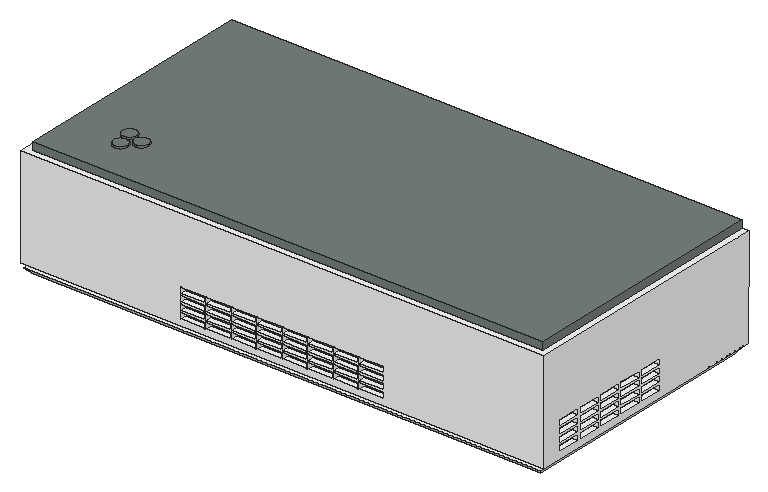
Revit family "AM 150 HHBB", category Mechanical Equipment, Revit 2019
Family settings
  Round Connector Dimension = Use Diameter
  Part Type = Normal
  OmniClass Number = 23.75.00.00
  OmniClass Title = Climate Control (HVAC)
  Work Plane-Based = No
  Always vertical = Yes
  Cut with Voids When Loaded = No
  Shared = No
  Room Calculation Point = No
Parameters
  publication date = "09.10.2024"
  Weight (Standard Unit) = 47  # constant formula
  Water Heater Surface Return = 15 mm  # constant formula
  Water Heater Surface IN = 15 mm  # constant formula
  Version number = "1.0"
  URL = "https://www.airmaster-as.com/products/ventilation-units-wall-mounted/am-150"
  Total Width = 1170 mm  # constant formula
  Total Hight = 262 mm  # constant formula
  T-C Duct Supply = 158 mm  # constant formula
  T-C Duct Exhaust = 158 mm  # constant formula
  Suply Air In = 160 mm  # constant formula
  R-C Duct Supply = 105 mm  # constant formula
  Phase 1 - Max Power Consumption = "1175 W"
  Phase 1 - Max Current = "7,97 A"
  Nominal current, electrical preheating surface = "4,35 A"
  Nominal current, electrical comfort heating surface = "2,17 A"
  Nominal current, air handling unit = "1,45 A"
  Network Conection = "AWG 24 CAT 5e STP"
  Model = "AM 150 HHBB"
  Max. flow rate 35 dB(A) with ePM10 80% filters = 120.00 m³  # constant formula
  Max. flow rate 35 dB(A) with ePM10 55% filters = 137.00 m³  # constant formula
  Max. flow rate 35 dB(A) with ePM10 50% filters = 156.00 m³  # constant formula
  Max. flow rate 30 dB(A) with ePM10 80% filters = 91.00 m³  # constant formula
  Max. flow rate 30 dB(A) with ePM10 55% filters = 98.00 m³  # constant formula
  Max. flow rate 30 dB(A) with ePM10 50% filters = 123.00 m³  # constant formula
  Manufacturer = "Airmaster A/S"
  Maintenance [instance] = no
  L-C Duct Exhaust = 105 mm  # constant formula
  Exhaust Air = 160 mm  # constant formula
  Total Depth = 571 mm  # constant formula
  Electrical connection = "1 ~ 230 V / N / PE / 50 Hz"
  Drawn By = "LSB"
  Condensate = 6 mm  # constant formula
  BMS Panel = "(PTS) 2x2x0,6"
  BMS Out = "(PTS) 2x2x0,6"
  BMS IN = "(PTS) 2x2x0,6"
  Airlow area [instance] = no
Reference planes
  plane 1 "Center (Front/Back)": y = 0
  plane 2: z = 0
  plane 3 "Center (Left/Right)": x = 0
  plane 4 "Center L/S": y = -571
  plane 5 "Center L/T": x = -585
  plane 6 "Center L/U": x = 585
  plane 7 "TOP": z = 262
  plane 8 "Center L/V": x = -570
  plane 9 "Center L/W": y = -556
  plane 10 "Center L/X": x = 570
  plane 11 "Panel Buttom": z = 20.747
  plane 12 "Panel Top": z = 246.501
  plane 13 "Hatch": z = 14.5
Forms (mm)
  Extrusion 1, solid, material "AM Grey"
    sketch origin (0, 0, 0) x (1, 0, 0) y (0, 1, 0)
      loop
        line (-570, 0) -> (-570, -556) -> (570, -556) -> (570, 0) -> (-570, 0)
    from 14.5 to 262
  Extrusion 2, solid, material "AM White"
    sketch origin (794.5, -1524, 20.747) x (0, -1, 0) y (-1, 0, 0)
      loop
        line (-1524, 1379.5) -> (-1524, 1364.5) -> (-968, 1364.5) -> (-968, 224.5) -> (-1524, 224.5) -> (-1524, 209.5) -> (-953, 209.5) -> (-953, 1379.5) -> (-1524, 1379.5)
    from 0 to -225.754
  Blend 3, solid, material "AM White"
    base sketch origin (-790.646, -1524, 14.5) x (0, -1, 0) y (1, 0, 0)
      loop
        line (-953, 212.613) -> (-953, 1368.657) -> (-1524, 1368.657) -> (-1524, 212.613) -> (-953, 212.613)
    top sketch origin (-790.646, -1524, 14.5) x (0, -1, 0) y (1, 0, 0)
      loop
        line (-968, 223.963) -> (-968, 1357.646) -> (-1509.161, 1357.646) -> (-1509.161, 223.963) -> (-968, 223.963)
    from 0 to -14.5
  Extrusion 4, solid, material "AM Grey"
    sketch origin (-570, 0, 0) x (1, 0, 0) y (0, 0, -1)
      loop
        circle (1050, -119.501) r 77.16
      loop
        circle (1050, -119.501) r 78
    from 0 to 18.45
  Extrusion 5, solid, material "AM Grey"
    sketch origin (-785, 0, 0) x (1, 0, 0) y (0, 0, -1)
      loop
        circle (305, -119.501) r 77.16
      loop
        circle (305, -119.501) r 78
    from 0 to 18.45
  Extrusion 6, solid, material "Maintenece", visible <- "Maintenance"
    sketch origin (-790.646, -1524, 0) x (1, 0, 0) y (0, -1, 0)
      loop
        line (205.646, -1524) -> (1375.646, -1524) -> (1375.646, -953) -> (205.646, -953) -> (205.646, -1524)
    from 0 to 1200
  Extrusion 7, solid, material "Maintenece", visible <- "Airlow area"
    sketch origin (590, 0, 24.45) x (0, -1, 0) y (0, 0, -1)
      loop
        line (0, -98.297) -> (571, -98.297) -> (571, 21) -> (0, 21) -> (0, -98.297)
    from 0 to 500
  Extrusion 8, solid, material "AM Grey"
    sketch origin (-876.982, -12.495, 262) x (1, 0, 0) y (0, 1, 0)
      loop
        circle (423.027, -417.273) r 15.55
    from 0 to 3
  Extrusion 9, solid, material "AM Grey"
    sketch origin (-866.134, 5.874, 262) x (1, 0, 0) y (0, 1, 0)
      loop
        circle (447.132, -446.023) r 15.55
    from 0 to 3
  Extrusion 10, solid, material "AM Grey"
    sketch origin (-855.713, -13.073, 262) x (1, 0, 0) y (0, 1, 0)
      loop
        circle (410.201, -452.535) r 15.55
    from 0 to 3
  Extrusion 11, void
    sketch origin (585, -571, 24.45) x (1, 0, 0) y (0, 0, -1)
      loop
        line (-811.5, -75.55) -> (-757.5, -75.55) -> (-757.5, -61.55) -> (-811.5, -61.55) -> (-811.5, -75.55)
      loop
        line (-811.5, -58.55) -> (-757.5, -58.55) -> (-757.5, -44.55) -> (-811.5, -44.55) -> (-811.5, -58.55)
      loop
        line (-811.5, -41.55) -> (-757.5, -41.55) -> (-757.5, -27.55) -> (-811.5, -27.55) -> (-811.5, -41.55)
      loop
        line (-811.5, -24.55) -> (-757.5, -24.55) -> (-757.5, -10.55) -> (-811.5, -10.55) -> (-811.5, -24.55)
      loop
        line (-754.5, -75.55) -> (-700.5, -75.55) -> (-700.5, -61.55) -> (-754.5, -61.55) -> (-754.5, -75.55)
      loop
        line (-754.5, -58.55) -> (-700.5, -58.55) -> (-700.5, -44.55) -> (-754.5, -44.55) -> (-754.5, -58.55)
      loop
        line (-754.5, -41.55) -> (-700.5, -41.55) -> (-700.5, -27.55) -> (-754.5, -27.55) -> (-754.5, -41.55)
      loop
        line (-754.5, -24.55) -> (-700.5, -24.55) -> (-700.5, -10.55) -> (-754.5, -10.55) -> (-754.5, -24.55)
      loop
        line (-697.5, -75.55) -> (-643.5, -75.55) -> (-643.5, -61.55) -> (-697.5, -61.55) -> (-697.5, -75.55)
      loop
        line (-697.5, -58.55) -> (-643.5, -58.55) -> (-643.5, -44.55) -> (-697.5, -44.55) -> (-697.5, -58.55)
      loop
        line (-697.5, -41.55) -> (-643.5, -41.55) -> (-643.5, -27.55) -> (-697.5, -27.55) -> (-697.5, -41.55)
      loop
        line (-697.5, -24.55) -> (-643.5, -24.55) -> (-643.5, -10.55) -> (-697.5, -10.55) -> (-697.5, -24.55)
      loop
        line (-640.5, -75.55) -> (-586.5, -75.55) -> (-586.5, -61.55) -> (-640.5, -61.55) -> (-640.5, -75.55)
      loop
        line (-640.5, -58.55) -> (-586.5, -58.55) -> (-586.5, -44.55) -> (-640.5, -44.55) -> (-640.5, -58.55)
      loop
        line (-640.5, -41.55) -> (-586.5, -41.55) -> (-586.5, -27.55) -> (-640.5, -27.55) -> (-640.5, -41.55)
      loop
        line (-640.5, -24.55) -> (-586.5, -24.55) -> (-586.5, -10.55) -> (-640.5, -10.55) -> (-640.5, -24.55)
      loop
        line (-583.5, -75.55) -> (-529.5, -75.55) -> (-529.5, -61.55) -> (-583.5, -61.55) -> (-583.5, -75.55)
      loop
        line (-583.5, -58.55) -> (-529.5, -58.55) -> (-529.5, -44.55) -> (-583.5, -44.55) -> (-583.5, -58.55)
      loop
        line (-583.5, -41.55) -> (-529.5, -41.55) -> (-529.5, -27.55) -> (-583.5, -27.55) -> (-583.5, -41.55)
      loop
        line (-583.5, -24.55) -> (-529.5, -24.55) -> (-529.5, -10.55) -> (-583.5, -10.55) -> (-583.5, -24.55)
      loop
        line (-526.5, -75.55) -> (-472.5, -75.55) -> (-472.5, -61.55) -> (-526.5, -61.55) -> (-526.5, -75.55)
      loop
        line (-526.5, -58.55) -> (-472.5, -58.55) -> (-472.5, -44.55) -> (-526.5, -44.55) -> (-526.5, -58.55)
      loop
        line (-526.5, -41.55) -> (-472.5, -41.55) -> (-472.5, -27.55) -> (-526.5, -27.55) -> (-526.5, -41.55)
      loop
        line (-526.5, -24.55) -> (-472.5, -24.55) -> (-472.5, -10.55) -> (-526.5, -10.55) -> (-526.5, -24.55)
      loop
        line (-469.5, -75.55) -> (-415.5, -75.55) -> (-415.5, -61.55) -> (-469.5, -61.55) -> (-469.5, -75.55)
      loop
        line (-469.5, -58.55) -> (-415.5, -58.55) -> (-415.5, -44.55) -> (-469.5, -44.55) -> (-469.5, -58.55)
      loop
        line (-469.5, -41.55) -> (-415.5, -41.55) -> (-415.5, -27.55) -> (-469.5, -27.55) -> (-469.5, -41.55)
      loop
        line (-469.5, -24.55) -> (-415.5, -24.55) -> (-415.5, -10.55) -> (-469.5, -10.55) -> (-469.5, -24.55)
      loop
        line (-412.5, -75.55) -> (-358.5, -75.55) -> (-358.5, -61.55) -> (-412.5, -61.55) -> (-412.5, -75.55)
      loop
        line (-412.5, -58.55) -> (-358.5, -58.55) -> (-358.5, -44.55) -> (-412.5, -44.55) -> (-412.5, -58.55)
      loop
        line (-412.5, -41.55) -> (-358.5, -41.55) -> (-358.5, -27.55) -> (-412.5, -27.55) -> (-412.5, -41.55)
      loop
        line (-412.5, -24.55) -> (-358.5, -24.55) -> (-358.5, -10.55) -> (-412.5, -10.55) -> (-412.5, -24.55)
    from 0 to 15
  Extrusion 12, void
    sketch origin (585, 0, 10.035) x (0, 1, 0) y (0, 0, -1)
      loop
        line (-529, -89.965) -> (-475, -89.965) -> (-475, -75.965) -> (-529, -75.965) -> (-529, -89.965)
      loop
        line (-529, -72.965) -> (-475, -72.965) -> (-475, -58.965) -> (-529, -58.965) -> (-529, -72.965)
      loop
        line (-529, -55.965) -> (-475, -55.965) -> (-475, -41.965) -> (-529, -41.965) -> (-529, -55.965)
      loop
        line (-529, -38.965) -> (-475, -38.965) -> (-475, -24.965) -> (-529, -24.965) -> (-529, -38.965)
      loop
        line (-472, -89.965) -> (-418, -89.965) -> (-418, -75.965) -> (-472, -75.965) -> (-472, -89.965)
      loop
        line (-472, -72.965) -> (-418, -72.965) -> (-418, -58.965) -> (-472, -58.965) -> (-472, -72.965)
      loop
        line (-472, -55.965) -> (-418, -55.965) -> (-418, -41.965) -> (-472, -41.965) -> (-472, -55.965)
      loop
        line (-472, -38.965) -> (-418, -38.965) -> (-418, -24.965) -> (-472, -24.965) -> (-472, -38.965)
      loop
        line (-415, -89.965) -> (-361, -89.965) -> (-361, -75.965) -> (-415, -75.965) -> (-415, -89.965)
      loop
        line (-415, -72.965) -> (-361, -72.965) -> (-361, -58.965) -> (-415, -58.965) -> (-415, -72.965)
      loop
        line (-415, -55.965) -> (-361, -55.965) -> (-361, -41.965) -> (-415, -41.965) -> (-415, -55.965)
      loop
        line (-415, -38.965) -> (-361, -38.965) -> (-361, -24.965) -> (-415, -24.965) -> (-415, -38.965)
      loop
        line (-358, -89.965) -> (-304, -89.965) -> (-304, -75.965) -> (-358, -75.965) -> (-358, -89.965)
      loop
        line (-358, -72.965) -> (-304, -72.965) -> (-304, -58.965) -> (-358, -58.965) -> (-358, -72.965)
      loop
        line (-358, -55.965) -> (-304, -55.965) -> (-304, -41.965) -> (-358, -41.965) -> (-358, -55.965)
      loop
        line (-358, -38.965) -> (-304, -38.965) -> (-304, -24.965) -> (-358, -24.965) -> (-358, -38.965)
      loop
        line (-301, -89.965) -> (-247, -89.965) -> (-247, -75.965) -> (-301, -75.965) -> (-301, -89.965)
      loop
        line (-301, -72.965) -> (-247, -72.965) -> (-247, -58.965) -> (-301, -58.965) -> (-301, -72.965)
      loop
        line (-301, -55.965) -> (-247, -55.965) -> (-247, -41.965) -> (-301, -41.965) -> (-301, -55.965)
      loop
        line (-301, -38.965) -> (-247, -38.965) -> (-247, -24.965) -> (-301, -24.965) -> (-301, -38.965)
    from 0 to 15
Cuts and joins
  Extrusion 11, Extrusion 12 cuts Extrusion 1
  Extrusion 11, Extrusion 12 cuts Extrusion 2
  Extrusion 12 cuts Extrusion 7
Dimensions and locks
  "Total Depth": plane 4 "Center L/S" to plane 1 "Center (Front/Back)"
  equal spacing: plane 5 "Center L/T", plane 3 "Center (Left/Right)", plane 6 "Center L/U"
  "Total Width": plane 5 "Center L/T" to plane 6 "Center L/U"
  "Total Hight": plane 7 "TOP" to level
  locked: plane 10 "Center L/X" to plane 6 "Center L/U" at 15
  locked: plane 4 "Center L/S" to plane 9 "Center L/W" at 15
  locked: plane 5 "Center L/T" to plane 8 "Center L/V" at 15
  Extrusion 1 to Blend 3 sketch curve = 14.839 mm
  plane 11 "Panel Buttom" to level = 20.747 mm
  plane 7 "TOP" to plane 12 "Panel Top" = 15.499 mm
  aligned and locked: level to plane 2
  aligned and locked: plane 1 "Center (Front/Back)" to Extrusion 1 sketch curve
  aligned and locked: plane 8 "Center L/V" to Extrusion 1 sketch curve
  aligned and locked: Extrusion 1 sketch curve to plane 9 "Center L/W"
  aligned and locked: Extrusion 1 sketch curve to plane 10 "Center L/X"
  aligned and locked: plane 7 "TOP" to Extrusion 1
  aligned and locked: plane 5 "Center L/T" to Extrusion 2 sketch curve
  aligned and locked: plane 4 "Center L/S" to Extrusion 2 sketch curve
  aligned and locked: plane 6 "Center L/U" to Extrusion 2 sketch curve
  aligned and locked: Extrusion 2 sketch curve to Extrusion 1  (x3)
  aligned and locked: plane 1 "Center (Front/Back)" to Extrusion 2 sketch curve
  aligned and locked: Extrusion 2 to plane 12 "Panel Top"
  aligned and locked: Blend 3 to plane 2
  aligned and locked: plane 13 "Hatch" to Extrusion 1
Automatic sketch dimensions
  plane 1 "Center (Front/Back)" to Extrusion 2 sketch curve = 0 mm
  plane 1 "Center (Front/Back)" to Blend 3 sketch curve = 0 mm
  plane 4 "Center L/S" to Blend 3 sketch curve = 0 mm
  plane 5 "Center L/T" to Blend 3 sketch curve = 6.967 mm
  Blend 3 sketch curve to plane 6 "Center L/U" = 6.989 mm
  plane 9 "Center L/W" to Blend 3 sketch curve = 0 mm
  plane 8 "Center L/V" to Blend 3 sketch curve = 3.316 mm
  Blend 3 sketch curve to plane 10 "Center L/X" = 3 mm
  Extrusion 6 sketch curve to Blend 3 = 18.316 mm
  Extrusion 6 sketch curve to Blend 3 = 18 mm
  Extrusion 6 sketch curve to Blend 3 = 15 mm
  Extrusion 6 sketch curve to Blend 3 = 14.839 mm
  Extrusion 7 sketch curve to plane 1 "Center (Front/Back)" = 0 mm
  Extrusion 7 sketch curve to plane 4 "Center L/S" = 0 mm
  Extrusion 7 sketch curve to plane 11 "Panel Buttom" = 102 mm
  level to Extrusion 7 sketch curve = 3.45 mm
  Extrusion 8 sketch curve to Extrusion 1 = 1023.955 mm
  Extrusion 8 sketch curve to Extrusion 1 = 126.232 mm
  Extrusion 9 sketch curve to Extrusion 1 = 989.002 mm
  Extrusion 9 sketch curve to Extrusion 1 = 115.851 mm
  Extrusion 10 sketch curve to Extrusion 1 = 1015.512 mm
  Extrusion 10 sketch curve to Extrusion 1 = 90.392 mm
  Extrusion 11 sketch curve to Extrusion 2 = 79.253 mm  (x2)
  Extrusion 11 sketch curve to Extrusion 2 = 358.5 mm
  Extrusion 11 sketch curve to Extrusion 2 = 14.253 mm
  Extrusion 11 sketch curve to Extrusion 11 sketch curve = 0 mm  (x60)
  Extrusion 11 sketch curve to Extrusion 11 sketch curve = 54 mm  (x8)
  Extrusion 11 sketch curve to Extrusion 11 sketch curve = 3 mm  (x38)
  Extrusion 11 sketch curve to Extrusion 11 sketch curve = 14 mm  (x18)
  Extrusion 2 to Extrusion 12 sketch curve = 42 mm  (x2)
  Extrusion 12 sketch curve to Extrusion 12 sketch curve = 0 mm  (x36)
  Extrusion 12 sketch curve to Extrusion 12 sketch curve = 54 mm  (x5)
  Extrusion 12 sketch curve to Extrusion 12 sketch curve = 3 mm  (x23)
  Extrusion 12 sketch curve to Extrusion 2 = 79.253 mm  (x2)
  Extrusion 12 sketch curve to Extrusion 12 sketch curve = 14 mm  (x12)
  radius of Extrusion 8 sketch curve = 15.55 mm
  radius of Extrusion 9 sketch curve = 15.55 mm
  radius of Extrusion 10 sketch curve = 15.55 mm
Nested families
  nested 1: "Model Label 2019" at (0, -361.924, 0), Label <- "Model", type "Model Label 2019"
    with Label "AM 150 HHBB"
  nested 2: "Pil Indtag" at (1100, -364, 0) x (-1, 0, 0) z (0, 0, 1), type "Pil Indtag"
    with dX_ 609 mm, dX 609 mm, ang2D 0.00°
  nested 3: "indblæssymbol" at (0, -621, 0) x (0, -1, 0) z (0, 0, 1), type "indblæssymbol"
    with dX_ 609 mm, dX 609 mm, ang2D 0.00°
Connectors
  electrical at (-453.955, -429.768, 262)
    settings: on Extrusion 8, index 13, voltage 230 V, apparent load 0 VA, apparent load phase1 0 VA, apparent load phase2 0 VA, apparent load phase3 0 VA, power factor 0.55, load classification "Other", number of poles 1, system type 30, power factor state 1, is connector primary yes, connector utility no, sub classification motor no, connector description ""
  electrical at (-419.002, -440.149, 262), driven by "BMS Out"
    settings: on Extrusion 9, index 14, voltage 0 V, apparent load 0 VA, apparent load phase1 0 VA, apparent load phase2 0 VA, apparent load phase3 0 VA, power factor 1, load classification "Other", number of poles 1, system type 5, power factor state 1, is connector primary no, connector utility no, sub classification motor no, connector description "(PTS) 2x2x0,6"
  electrical at (-445.512, -465.608, 262), driven by "BMS IN"
    settings: on Extrusion 10, index 15, voltage 0 V, apparent load 0 VA, apparent load phase1 0 VA, apparent load phase2 0 VA, apparent load phase3 0 VA, power factor 1, load classification "Other", number of poles 1, system type 5, power factor state 1, is connector primary no, connector utility no, sub classification motor no, connector description "(PTS) 2x2x0,6"
  hvac at (-480, 0, 119.501), driven by "Exhaust Air"
    settings: on Extrusion 5, index 16, duct flow 0.0 L/s, flow factor 0, pres drop 0.0 Pa, loss coef 0, conn angle 0.00°, conn width 304.8 mm, conn height 304.8 mm, conn diameter 160 mm, duct sys type 3, conn prof type 0, flow config 2, flow direction 2, loss method 0, conn ref index -1, conn util no, is conn primary yes, conn desc ""
  hvac at (480, 0, 119.501), driven by "Suply Air In"
    settings: on Extrusion 4, index 17, duct flow 0.0 L/s, flow factor 0, pres drop 0.0 Pa, loss coef 0, conn angle 0.00°, conn width 304.8 mm, conn height 304.8 mm, conn diameter 160 mm, duct sys type 1, conn prof type 0, flow config 2, flow direction 1, loss method 0, conn ref index -1, conn util no, is conn primary no, conn desc ""
Definition of nested family "Model Label 2019"
  Parameters (values of type "Model Label 2019")
    Label [instance] = ""
  Reference planes
    plane 1: y = 0
    plane 2: x = 0
  Text (mm)
    label "Label" at (-0.131, 0.049, 0), shows "Label"
Definition of nested family "Pil Indtag"
  Parameters (values of type "Pil Indtag")
    dX_ [instance] = if(dX = 0 mm, 1 mm, dX)  # 609 mm
    dX [instance] = 609 mm
    ang2D [instance] = 0.00°
    Type Comments = "DO NOT CHANGE dX value from 608 mm ( 2 ft )"
    Afstand pil = 50 mm
  Reference planes
    plane 1 "Center (Front/Back)": y = 0
    plane 2: z = 0
    plane 3 "Center (Left/Right)": x = 0
    plane 4: x = 500
  Lines and regions (mm)
    Filled region 1, type "Concrete", in view "Ref. Level"
      outline origin (0, 0, 0) x (1, 0, 0) y (0, 1, 0)
        loop
          line (499.552, 0) -> (401.072, 17.365) -> (401.072, -17.365) -> (499.552, 0)
    reference lines, in view "Ref. Level"
      curve 1: line (50, 134.129, 0) -> (50, -145.871, 0)
    detail lines, in view "Ref. Level", not visible
      curve 2: arc (335, 0, 0) -> (385.559, -50.321, 0) -> (434.999, 1.101, 0) r 50.01
      curve 3: arc (335, 0, 0) -> (285.666, 52.633, 0) -> (235.069, 1.212, 0) r 50.01
      curve 4: line (434.999, 1.101, 0) -> (434.999, 21.156, 0)
      curve 5: line (235.069, 1.212, 0) -> (235.069, -18.844, 0)
    detail lines, in view "Ref. Level"
      curve 6: arc (225.332, 0, 0) -> (272.332, -35.211, 0) -> (294.114, 19.326, 0) r 36.995
      curve 7: arc (225.206, 0, 0) -> (173.868, 30.307, 0) -> (156.85, -26.829, 0) r 37.835
      curve 8: line (499.552, 0, 0) -> (401.072, 17.365, 0)
      curve 9: line (401.072, 17.365, 0) -> (401.072, -17.365, 0)
      curve 10: line (401.072, -17.365, 0) -> (499.552, 0, 0)
      curve 11: line (499.552, 0, 0) -> (-15.448, 0, 0)
  Dimensions and locks
    "Afstand pil": plane 3 "Center (Left/Right)" to curve 1
    plane 3 "Center (Left/Right)" to plane 4 = 500 mm
  Automatic sketch dimensions
    plane 1 "Center (Front/Back)" to Filled region 1 sketch curve = 0 mm
    Filled region 1 sketch curve to plane 4 = 0.448 mm
    plane 1 "Center (Front/Back)" to Filled region 1 sketch curve = 17.365 mm
    Filled region 1 sketch curve to plane 4 = 98.928 mm
    Filled region 1 sketch curve to plane 1 "Center (Front/Back)" = 17.365 mm
    plane 1 "Center (Front/Back)" to curve 11 = 0 mm
    plane 1 "Center (Front/Back)" to curve 7 = 4.913 mm
    plane 3 "Center (Left/Right)" to curve 7 = 187.691 mm
    curve 6 to plane 1 "Center (Front/Back)" = 0.405 mm
    curve 7 to curve 6 = 74.634 mm
    curve 9 to plane 1 "Center (Front/Back)" = 17.365 mm
    curve 9 to plane 4 = 98.928 mm
    curve 11 to plane 4 = 0.448 mm
    plane 1 "Center (Front/Back)" to curve 10 = 17.365 mm
    curve 7 to curve 7 = 30.842 mm
    curve 11 to plane 3 "Center (Left/Right)" = 15.448 mm
    curve 7 to curve 6 = 37.119 mm
    curve 7 to curve 6 = 0.126 mm
    curve 6 to plane 1 "Center (Front/Back)" = 19.326 mm
    plane 1 "Center (Front/Back)" to curve 1 = 145.871 mm
    curve 1 to plane 1 "Center (Front/Back)" = 134.129 mm
Definition of nested family "indblæssymbol"
  Parameters (values of type "indblæssymbol")
    dX_ [instance] = if(dX = 0 mm, 1 mm, dX)  # 609 mm
    dX [instance] = 609 mm
    ang2D [instance] = 0.00°
    Type Comments = "DO NOT CHANGE dX value from 608 mm ( 2 ft )"
    Afstand pil = 50 mm
  Reference planes
    plane 1 "Center (Front/Back)": y = 0
    plane 2: z = 0
    plane 3 "Center (Left/Right)": x = 0
  Lines and regions (mm)
    Filled region 1, type "Concrete", in view "Ref. Level"
      outline origin (50.005, 0, 0) x (1, 0, 0) y (0, 1, 0)
        loop
          line (399.995, 0.414) -> (301.442, 17.365) -> (301.588, -17.365) -> (399.995, 0.414)
    reference lines, in view "Ref. Level"
      curve 1: line (50, 134.129, 0) -> (50, -145.871, 0)
    detail lines, in view "Ref. Level"
      curve 2: line (351.52, 0, 0) -> (50, 0, 0)
  Dimensions and locks
    "Afstand pil": plane 3 "Center (Left/Right)" to curve 1
    curve 1 to Filled region 1 = 400 mm
  Automatic sketch dimensions
    Filled region 1 sketch curve to plane 1 "Center (Front/Back)" = 0.414 mm
    plane 3 "Center (Left/Right)" to Filled region 1 sketch curve = 450 mm
    plane 1 "Center (Front/Back)" to Filled region 1 sketch curve = 17.365 mm
    Filled region 1 sketch curve to Filled region 1 sketch curve = 98.407 mm
    Filled region 1 sketch curve to plane 1 "Center (Front/Back)" = 17.365 mm
    Filled region 1 sketch curve to Filled region 1 sketch curve = 0.146 mm
    plane 1 "Center (Front/Back)" to curve 2 = 0 mm
    plane 3 "Center (Left/Right)" to curve 2 = 50 mm
    curve 2 to curve 2 = 301.52 mm
    plane 1 "Center (Front/Back)" to curve 1 = 145.871 mm
    curve 1 to plane 1 "Center (Front/Back)" = 134.129 mm
